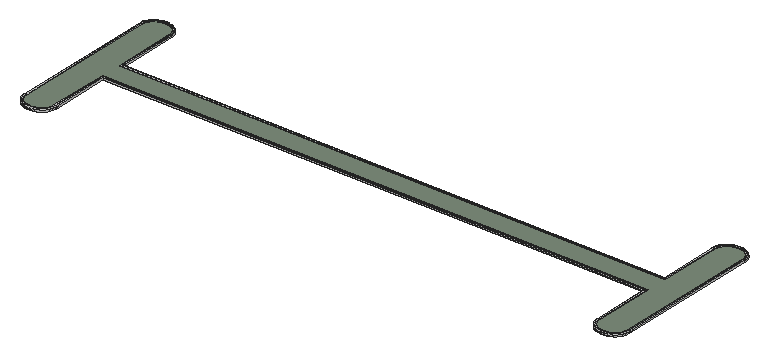
Revit family "87e1c6b78d354225a07637423d00e02b", category Site, Revit 2021
Family settings
  Round Connector Dimension = Use Diameter
  Part Type = Normal
  Seek Item ID = Parking Island-Double Sided-0000-USA-ENU
  Work Plane-Based = No
  Always vertical = No
  Cut with Voids When Loaded = No
  Shared = No
Parameters (values of type "15 Spaces Per Row")
  Parking Depth = 20' - 0"
  Parking Width [instance] = 150' - 0"
Types (3): name | Parking Width
  (no name) | 150' - 0"
  15 Spaces Per Row | 150' - 0"
  20 Spaces Per Row | 200' - 0"
Reference planes (in)
  plane 1: z = 0
  plane 2 "n": x = -77
  plane 3: x = -2065
  plane 4: y = -245
  plane 5: y = -5
  plane 6: x = -1971
  plane 7: x = -171
  plane 8: y = 67
  plane 9: x = -1965
  plane 10: x = -2071
  plane 11: y = 73
  plane 12: y = -11
  plane 13: x = -71
  plane 14: x = -177
  plane 15: y = -251
  plane 16: y = 313
  plane 17: y = 319
Forms (in)
  Sweep 1, solid, material "Concrete, Cast-in-Place gray"
    path origin (0, 0, 0) x (1, 0, 0) y (0, 1, 0)
      loop
        arc (-177, -203) -> (-162.94113, -236.94113) -> (-129, -251) r 48
        line (-129, -251) -> (-119, -251)
        arc (-119, -251) -> (-85.05887, -236.94113) -> (-71, -203) r 48
        line (-71, -203) -> (-71, 271)
        arc (-71, 271) -> (-85.05887, 304.94113) -> (-119, 319) r 48
        line (-119, 319) -> (-129, 319)
        arc (-129, 319) -> (-162.94113, 304.94113) -> (-177, 271) r 48
        line (-177, 271) -> (-177, 73) -> (-1965, 73) -> (-1965, 271)
        arc (-1965, 271) -> (-1979.05887, 304.94113) -> (-2013, 319) r 48
        line (-2013, 319) -> (-2023, 319)
        arc (-2023, 319) -> (-2056.94113, 304.94113) -> (-2071, 271) r 48
        line (-2071, 271) -> (-2071, -203)
        arc (-2071, -203) -> (-2056.94113, -236.94113) -> (-2023, -251) r 48
        line (-2023, -251) -> (-2013, -251)
        arc (-2013, -251) -> (-1979.05887, -236.94113) -> (-1965, -203) r 48
        line (-1965, -203) -> (-1965, -11) -> (-177, -11) -> (-177, -203)
    profile origin (0, -107, 0) x (-1, 0, 0) y (0, 0, 1)
      loop
        line (177, 0) -> (177, 5)
        arc (177, 5) -> (176.41421, 6.41421) -> (175, 7) r 2
        line (175, 7) -> (170, 7) -> (170, 0) -> (177, 0)
  Extrusion 2, solid, material "Grass"
    sketch origin (0, 0, 0) x (1, 0, 0) y (0, 1, 0)
      loop
        line (-77, -204) -> (-77, 272)
        arc (-77, 272) -> (-89.00862, 300.99138) -> (-118, 313) r 41
        line (-118, 313) -> (-130, 313)
        arc (-130, 313) -> (-158.99138, 300.99138) -> (-171, 272) r 41
        line (-171, 272) -> (-171, 67) -> (-1971, 67) -> (-1971, 272)
        arc (-1971, 272) -> (-1983.00862, 300.99138) -> (-2012, 313) r 41
        line (-2012, 313) -> (-2024, 313)
        arc (-2024, 313) -> (-2052.99138, 300.99138) -> (-2065, 272) r 41
        line (-2065, 272) -> (-2065, -204)
        arc (-2065, -204) -> (-2052.99138, -232.99138) -> (-2024, -245) r 41
        line (-2024, -245) -> (-2012, -245)
        arc (-2012, -245) -> (-1983.00862, -232.99138) -> (-1971, -204) r 41
        line (-1971, -204) -> (-1971, -5) -> (-171, -5) -> (-171, -204)
        arc (-171, -204) -> (-158.99138, -232.99138) -> (-130, -245) r 41
        line (-130, -245) -> (-118, -245)
        arc (-118, -245) -> (-89.00862, -232.99138) -> (-77, -204) r 41
    from 0 to 7
Lines and regions (in)
  symbolic lines, style "Parking Island"
    curve 1: line (-2065, 271, 0) -> (-2065, -204.00218, 0)
    curve 2: line (-1971, -204.00218, 0) -> (-1971, -5, 0)
    curve 3: line (-1971, -5, 0) -> (-171, -5, 0)
    curve 4: line (-171, 67, 0) -> (-1972, 67, 0)
    curve 5: line (-171, -5, 0) -> (-171, -204, 0)
    curve 6: arc (-171, -204, 0) -> (-158.99138, -232.99138, 0) -> (-130, -245, 0) r 41
    curve 7: line (-130, -245, 0) -> (-118, -245, 0)
    curve 8: arc (-118, -245, 0) -> (-89.00862, -232.99138, 0) -> (-77, -204, 0) r 41
    curve 9: line (-77, -204, 0) -> (-77, 272, 0)
    curve 10: line (-1971, -5, 0) -> (-1971, -204.00218, 0)
    curve 11: arc (-1971, -204.00218, 0) -> (-1983.00862, -232.99356, 0) -> (-2012, -245.00218, 0) r 41
    curve 12: line (-2012, -245.00218, 0) -> (-2024, -245.00218, 0)
    curve 13: arc (-2024, -245.00218, 0) -> (-2052.99138, -232.99356, 0) -> (-2065, -204.00218, 0) r 41
    curve 14: line (-171, 67, 0) -> (-171, 272, 0)
    curve 15: line (-130, 313, 0) -> (-118, 313, 0)
    curve 16: arc (-118, 313, 0) -> (-89.00862, 300.99138, 0) -> (-77, 272, 0) r 41
    curve 17: arc (-171, 272, 0) -> (-158.99138, 300.99138, 0) -> (-130, 313, 0) r 41
    curve 18: line (-1972, 67, 0) -> (-1972, 271, 0)
    curve 19: line (-2024, 312, 0) -> (-2013, 312, 0)
    curve 20: arc (-2024, 312, 0) -> (-2052.99138, 299.99138, 0) -> (-2065, 271, 0) r 41
    curve 21: arc (-2013, 312, 0) -> (-1984.00862, 299.99138, 0) -> (-1972, 271, 0) r 41
Dimensions and locks (in)
  plane 3 to plane 6 = 7' - 10"
  plane 7 to plane 2 "n" = 7' - 10"
  "Parking Width": plane 6 to plane 7
  locked: plane 8 to plane 11 at 6
  locked: plane 5 to plane 12 at 6
  locked: plane 6 to plane 9 at 6
  locked: plane 10 to plane 3 at 6
  locked: plane 14 to plane 7 at 6
  locked: plane 2 "n" to plane 13 at 6
  locked: plane 4 to plane 15 at 6
  plane 5 to plane 8 = 6' - 0"
  "Parking Depth": plane 5 to plane 4
  locked: plane 16 to plane 17 at 6
  "Parking Depth": plane 11 to plane 16
  aligned and locked: Extrusion 2 sketch curve to plane 8
  aligned and locked: plane 6 to Extrusion 2 sketch curve
  aligned and locked: Extrusion 2 sketch curve to plane 3
  aligned and locked: Extrusion 2 sketch curve to plane 2 "n"
  aligned and locked: plane 9 to Sweep 1 sketch curve
  aligned and locked: plane 10 to Sweep 1 sketch curve
  aligned and locked: Sweep 1 sketch curve to plane 11
  aligned and locked: plane 12 to Sweep 1 sketch curve
  aligned and locked: plane 15 to Sweep 1 sketch curve
  aligned and locked: Sweep 1 sketch curve to plane 14
  aligned and locked: curve 9 to plane 2 "n"
  aligned and locked: curve 7 to plane 4
  aligned and locked: plane 7 to curve 5
  aligned and locked: curve 4 to plane 8
  aligned and locked: plane 6 to curve 10
  aligned and locked: plane 3 to curve 1
  aligned and locked: Extrusion 2 sketch curve to curve 5
  aligned and locked: curve 3 to Extrusion 2 sketch curve
  aligned and locked: plane 16 to Extrusion 2 sketch curve
  aligned and locked: Extrusion 2 sketch curve to plane 16
  aligned and locked: Extrusion 2 sketch curve to Extrusion 2 sketch curve
  aligned and locked: Sweep 1 sketch curve to plane 17
Automatic sketch dimensions
  Sweep 1 sketch curve to level = 0' - 0"
  Sweep 1 sketch curve to profile plane = 0' - 0"
  profile plane to Sweep 1 sketch curve = 0' - 2"
  Sweep 1 sketch curve to Sweep 1 sketch curve = 0' - 5"  (x2)
  Extrusion 2 sketch curve to plane 4 = 0' - 0"  (x2)
  Extrusion 2 sketch curve to plane 5 = 0' - 0"
  Extrusion 2 sketch curve to plane 3 = 3' - 5"  (x2)
  Extrusion 2 sketch curve to Extrusion 2 sketch curve = 1' - 0"  (x4)
  Extrusion 2 sketch curve to Extrusion 2 sketch curve = 3' - 5"
  Extrusion 2 sketch curve to plane 2 "n" = 4' - 5"
  Sweep 1 sketch curve to plane 9 = 0' - 0"
  Sweep 1 sketch curve to plane 14 = 0' - 0"
  Sweep 1 sketch curve to plane 15 = 0' - 0"
  Sweep 1 sketch curve to plane 17 = 0' - 0"
  Sweep 1 sketch curve to plane 13 = 0' - 0"
  Sweep 1 sketch curve to plane 3 = 3' - 6"  (x2)
  Sweep 1 sketch curve to Sweep 1 sketch curve = 0' - 10"  (x4)
  Sweep 1 sketch curve to Sweep 1 sketch curve = 4' - 0"
  Sweep 1 sketch curve to plane 2 "n" = 4' - 4"
  curve 17 to plane 7 = 0' - 0"
  curve 15 to plane 16 = 0' - 0"
  curve 3 to plane 5 = 0' - 0"
  curve 20 to plane 3 = 3' - 5"
  curve 13 to plane 3 = 3' - 5"
  plane 16 to curve 21 = 0' - 1"
  curve 19 to curve 21 = 0' - 11"
  curve 12 to plane 4 = 0' - 0.00218"
  curve 12 to curve 12 = 1' - 0"
  plane 6 to curve 18 = 0' - 1"
  curve 5 to curve 6 = 3' - 5"
  curve 14 to curve 17 = 3' - 5"
  curve 6 to curve 7 = 1' - 0"
  curve 15 to curve 16 = 1' - 0"
